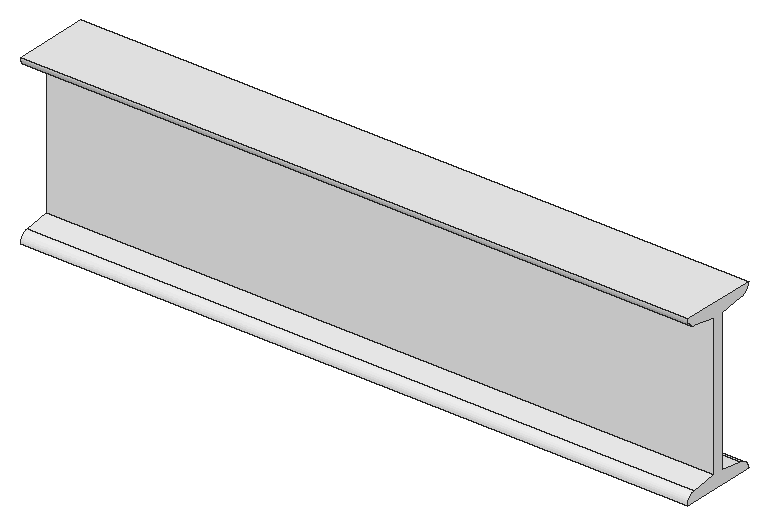
Revit family
Parameters (values of type "S12x50")
  Start Extension Calculation [instance] = 10' 0 1/2" + Start Extension  # 10' - 0"
  Start Extension [instance] = -0' - 0 1/2"
  End Extension Calculation [instance] = 10' 0 1/2" + End Extension  # 10' - 0"
  End Extension [instance] = -0' - 0 1/2"
  Beam Material [instance] = Metal - Steel - ASTM A572 - Grade 50
  A = 0.10 SF
  Assembly Code = "B10"
  Length [instance] = 5' - 0"
  W = 50
  bf = 0' - 5 61/128"
  d = 1' - 0"
  k = 0' - 1 7/16"
  tf = 0' - 0 169/256"
  tw = 0' - 0 11/16"
Types (3): name | A | W | bf | d | k | tf | tw
  (no name) | 0.10 SF | 50 | 0' - 5 61/128" | 1' - 0" | 0' - 1 7/16" | 0' - 0 169/256" | 0' - 0 11/16"
  S8x23 | 0.05 SF | 23 | 0' - 4 11/64" | 0' - 8" | 0' - 1" | 0' - 0 109/256" | 0' - 0 113/256"
  S12x50 | 0.10 SF | 50 | 0' - 5 61/128" | 1' - 0" | 0' - 1 7/16" | 0' - 0 169/256" | 0' - 0 11/16"
Reference planes (in)
  plane 1 "Center (Front/Back)": y = 0
  plane 2: z = 0
  plane 3 "Center (Left/Right)": x = 0.1815
  plane 4 "Member Left": x = -23.8185
  plane 5 "Member Right": x = 24.1815
  plane 6: y = 2.73828
  plane 7: y = -2.73828
  plane 8 "Top": z = 6
  plane 9: z = -6
  plane 10 "Left": x = -29.8185
  plane 11 "Right": x = 30.1815
  plane 12: x = -23.8185
  plane 13: x = 24.1815
  plane 14: x = 96.1815
  plane 15: x = -95.8185
Forms (in)
  Sweep 1, solid, material "Metal - Steel - ASTM A572 - Grade 50" <- "Beam Material", detail levels fine
    path origin (0, 0, 0) x (1, 0, 0) y (0, 1, 0)
      loop
        line (24.1815, 0) -> (-23.8185, 0)
    profile "S-American Standard-Profile-Fine : S-American Standard-Profile-Fine" origin (0.1815, 0, 0) x (0, -1, 0) y (0, 0, 1)
      loop
        arc (-2.73828, 6) -> (-2.54493, 5.5332) -> (-2.07812, 5.33984) r 0.66016
        line (-2.07812, 5.33984) -> (-0.34375, 5.06515) -> (-0.34375, -5.06515) -> (-2.07812, -5.33984)
        arc (-2.07812, -5.33984) -> (-2.54493, -5.5332) -> (-2.73828, -6) r 0.66016
        line (-2.73828, -6) -> (2.73828, -6)
        arc (2.73828, -6) -> (2.54493, -5.5332) -> (2.07813, -5.33984) r 0.66016
        line (2.07813, -5.33984) -> (0.34375, -5.06515) -> (0.34375, 5.06515) -> (2.07813, 5.33984)
        arc (2.07813, 5.33984) -> (2.54493, 5.5332) -> (2.73828, 6) r 0.66016
        line (2.73828, 6) -> (-2.73828, 6)
  Sweep 2, solid, material "Metal - Steel - ASTM A572 - Grade 50" <- "Beam Material", detail levels medium
    path origin (0, 0, 0) x (1, 0, 0) y (0, 1, 0)
      loop
        line (24.1815, 0) -> (-23.8185, 0)
    profile "S-American Standard-Profile-Medium : S-American Standard-Profile-Medium" origin (0.1815, 0, 0) x (0, -1, 0) y (0, 0, 1)
      loop
        line (-2.73828, 6) -> (-2.73828, 5.33984) -> (-0.34375, 4.96059) -> (-0.34375, -4.96059) -> (-2.73828, -5.33984) -> (-2.73828, -6) -> (2.73828, -6) -> (2.73828, -5.33984) -> (0.34375, -4.96059) -> (0.34375, 4.96059) -> (2.73828, 5.33984) -> (2.73828, 6) -> (-2.73828, 6)
Lines and regions (in)
  symbolic lines, style "Hidden Faces", detail levels medium+fine
    curve 1: line (24.1815, -0.34375, 0) -> (-23.8185, -0.34375, 0)
    curve 2: line (24.1815, 0.34375, 0) -> (-23.8185, 0.34375, 0)
  symbolic lines, style "Stick Symbols", detail levels coarse
    curve 3: line (0.1815, 2.73828, 6) -> (0.1815, -2.73828, 6)
    curve 4: line (0.1815, 0, 6) -> (0.1815, 0, -6)
    curve 5: line (0.1815, 2.73828, -6) -> (0.1815, -2.73828, -6)
Dimensions and locks (in)
  "bf": plane 6 to plane 7
  "d": plane 9 to plane 8 "Top"
  equal spacing: plane 9, plane 2, plane 8 "Top"
  equal spacing: plane 6, plane 1 "Center (Front/Back)", plane 7
  "Length": plane 10 "Left" to plane 11 "Right"
  equal spacing: curve 2, plane 1 "Center (Front/Back)", curve 1
  "tw": curve 2 to curve 1
  locked: plane 4 "Member Left" to plane 14 at 120
  locked: plane 15 to plane 5 "Member Right" at 120
  "End Extension Calculation": plane 15 to plane 13
  "Start Extension Calculation": plane 12 to plane 14
  aligned and locked: Sweep 1 sketch curve to plane 1 "Center (Front/Back)"
  aligned and locked: Sweep 2 sketch curve to plane 1 "Center (Front/Back)"
  aligned and locked: plane 12 to Sweep 2 sketch curve
  aligned and locked: plane 13 to Sweep 2 sketch curve
  aligned and locked: plane 12 to Sweep 1 sketch curve
  aligned and locked: plane 13 to Sweep 1 sketch curve
  aligned and locked: plane 12 to curve 2
  aligned and locked: plane 12 to curve 1
  aligned and locked: plane 13 to curve 2
  aligned and locked: plane 13 to curve 1
  aligned and locked: Sweep 2 to curve 5  (x2)
  aligned and locked: curve 3 to Sweep 2  (x2)
  aligned and locked: Sweep 2 to curve 3
  aligned and locked: curve 5 to Sweep 2
Automatic sketch dimensions
  curve 4 to plane 1 "Center (Front/Back)" = 0' - 0"
